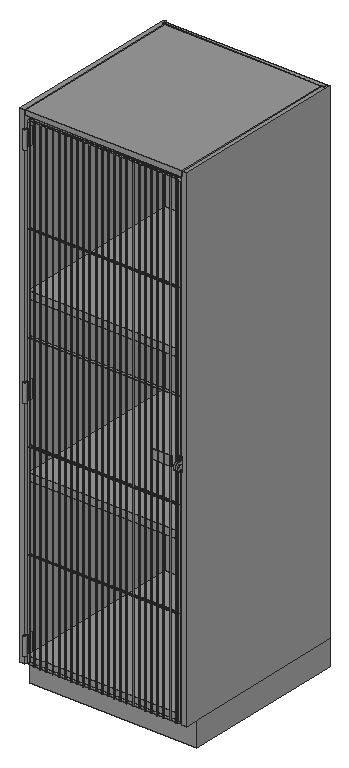
Revit family "TMI_M3024-Music_Wire Grille Doors1", category Casework, Revit 2016
Family settings
  OmniClass Number = 23.40.35.14.11
  OmniClass Title = Modular Casework
  Work Plane-Based = No
  Always vertical = Yes
  Cut with Voids When Loaded = No
  Shared = No
  Room Calculation Point = No
Parameters (values of type "27" x 84-1/2" x 29"")
  URL = "www.tmisystems.com"
  Toe Kick Height = 4"
  Toe Kick Depth = 2"
  Shelf Thickness = 1 1/8"
  Model = "M3024/M5024"
  Manufacturer = "TMI Systems Corporation"
  Interior Finish = none
  Individual Wire Grille Doors [instance] = not(Full Height Wire Grille Door)  # no
  Full Height Wire Grille Door [instance] = yes
  Filler Width (Hinge) [instance] = 3"
  Filler (Pull Side) [instance] = no
  Filler (Hinge Side) [instance] = no
  Filler Width (Pull) [instance] = 3"
  Description = "French Horn, Alto Horn, Snare Drum"
  Depth = 29"
  Height = 84 1/2"
  Width = 27"
  Casework Thickness = 3/4"
  Casework Back Thickness = 1/2"
  Cabinet Finish = Plastic Laminate
  Assembly Code = ""
Types (2): name | Description | Depth
  27" x 84-1/2" x 29" | "French Horn, Alto Horn, Snare Drum" | 29"
  27" x 84-1/2" x 39" | "Baritone, Euphonium, Mellophone" | 39"
Reference planes (in)
  plane 1 "Back": y = 15
  plane 2: z = 0
  plane 3 "Center (Left/Right)": x = 0.7377
  plane 4 "Left": x = -12.7623
  plane 5 "Right": x = 14.2377
  plane 6 "Front": y = -14
  plane 7 "Top": z = 84.5
  plane 8: y = 14.375
  plane 9: x = -12.0123
  plane 10: x = 13.4877
  plane 11: z = 83.75
  plane 12: y = 14.875
  plane 13: y = -12
  plane 14: z = 4
  plane 15: z = 5.125
  plane 16: y = -13.61906
  plane 17: y = -11.25
  plane 18: y = -13.25
  plane 19: z = 58.04167
  plane 20: y = -13.49461
  plane 21: z = 42.25
  plane 22: z = 83.25
  plane 23: x = 13.8627
  plane 24: x = -12.3873
  plane 25: z = 31.58333
  plane 26: y = -13.60344
Forms (in)
  Extrusion 1, solid, material "Plastic Laminate" <- "Cabinet Finish"
    sketch origin (0, 0.21844, 0) x (1, 0, 0) y (0, 1, 0)
      loop
        line (-12.7623, 14.78156) -> (-12.7623, -14.21844) -> (-12.0123, -14.21844) -> (-12.0123, 14.15656) -> (-12.38677, 14.15656) -> (-12.38677, 14.78156) -> (-12.7623, 14.78156)
      loop
        line (13.86077, 14.78156) -> (13.86077, 14.15656) -> (13.4877, 14.15656) -> (13.4877, -14.21844) -> (14.2377, -14.21844) -> (14.2377, 14.78156) -> (13.86077, 14.78156)
    from 4 to 84.5
  Extrusion 2, solid, material "Plastic Laminate" <- "Cabinet Finish"
    sketch origin (0.84915, 11.94613, -1.44731) x (1, 0, 0) y (0, 0, 1)
      loop
        line (-12.86145, 6.57231) -> (-12.86145, 5.44731) -> (12.63855, 5.44731) -> (12.63855, 6.57231) -> (-12.86145, 6.57231)
    from -2.42887 to 25.54956
  Extrusion 3, solid, material "Plastic Laminate" <- "Cabinet Finish"
    sketch origin (0, 0, 0) x (1, 0, 0) y (0, 1, 0)
      loop
        line (-12.38677, 14.875) -> (-12.38677, 14.375) -> (13.86077, 14.375) -> (13.86077, 14.875) -> (-12.38677, 14.875)
    from 84.5 to 4
  Extrusion 4, solid, material "Plastic Laminate" <- "Cabinet Finish", visible <- "Filler (Pull Side)"
    sketch origin (0, -14, 0) x (1, 0, 0) y (0, 0, 1)
      loop
        line (14.2377, 84.5) -> (14.2377, 4) -> (17.2377, 4) -> (17.2377, 84.5) -> (14.2377, 84.5)
    from -0.75 to 0
  Extrusion 5, solid, material "Plastic Laminate" <- "Cabinet Finish", visible <- "Filler (Hinge Side)"
    sketch origin (0, -14, 0) x (1, 0, 0) y (0, 0, 1)
      loop
        line (-15.7623, 84.5) -> (-15.7623, 4) -> (-12.7623, 4) -> (-12.7623, 84.5) -> (-15.7623, 84.5)
    from -0.75 to 0
  Extrusion 6, solid, material "Wood"
    sketch origin (0, 0, 0) x (1, 0, 0) y (0, 0, 1)
      loop
        line (14.2377, 4) -> (-12.7623, 4) -> (-12.7623, 0) -> (14.2377, 0) -> (14.2377, 4)
    from -15 to 12
  Extrusion 7, solid, material "Wood", visible <- "Filler (Pull Side)"
    sketch origin (0, 0, 0) x (1, 0, 0) y (0, 0, 1)
      loop
        line (17.2377, 4) -> (14.2377, 4) -> (14.2377, 0) -> (17.2377, 0) -> (17.2377, 4)
    from 11.25 to 12
  Extrusion 8, solid, material "Wood", visible <- "Filler (Hinge Side)"
    sketch origin (0, 0, 0) x (1, 0, 0) y (0, 0, 1)
      loop
        line (-12.7623, 4) -> (-15.7623, 4) -> (-15.7623, 0) -> (-12.7623, 0) -> (-12.7623, 4)
    from 11.25 to 12
  Extrusion 9, solid, material "Plastic Laminate" <- "Cabinet Finish"
    sketch origin (0, -14, 0) x (1, 0, 0) y (0, 0, 1)
      loop
        line (-12.0123, 58.04167) -> (-12.0123, 56.91667) -> (13.4877, 56.91667) -> (13.4877, 58.04167) -> (-12.0123, 58.04167)
      loop
        line (-12.0123, 30.45833) -> (13.4877, 30.45833) -> (13.4877, 31.58333) -> (-12.0123, 31.58333) -> (-12.0123, 30.45833)
    from -28.375 to -0.50539
  Extrusion 10, solid, material "Plastic Laminate" <- "Cabinet Finish"
    sketch origin (0, 15, 0) x (1, 0, 0) y (0, 0, 1)
      loop
        line (-12.0123, 84.5) -> (-12.0123, 83.75) -> (13.4877, 83.75) -> (13.4877, 84.5) -> (-12.0123, 84.5)
    from 0.625 to 29
Lines and regions (in)
  Masking region 1
    outline origin (44.5, 0, 0) x (1, 0, 0) y (0, 1, 0)
      loop
        line (-57.2623, 15) -> (-57.2623, -14) -> (-30.2623, -14) -> (-30.2623, 15) -> (-57.2623, 15)
  Masking region 2, visible <- "Filler (Hinge Side)"
    outline origin (0, 0, 0) x (1, 0, 0) y (0, 1, 0)
      loop
        line (-15.7623, -13.25) -> (-15.7623, -14) -> (-12.7623, -14) -> (-12.7623, -13.25) -> (-15.7623, -13.25)
  Masking region 3, visible <- "Filler (Pull Side)"
    outline origin (0, 0, 0) x (1, 0, 0) y (0, 1, 0)
      loop
        line (14.2377, -13.25) -> (14.2377, -14) -> (17.2377, -14) -> (17.2377, -13.25) -> (14.2377, -13.25)
  symbolic lines, style "CaseworkHiddenLines"
    curve 1: line (-0.1998, -14, 0) -> (-0.3248, -14, 0)
    curve 2: line (1.9252, -14, 0) -> (2.0502, -14, 0)
Dimensions and locks (in)
  "Width": plane 4 "Left" to plane 5 "Right"
  equal spacing: plane 4 "Left", plane 3 "Center (Left/Right)", plane 5 "Right"
  "Casework Thickness": plane 4 "Left" to plane 9
  "Casework Thickness": plane 10 to plane 5 "Right"
  "Casework Thickness": plane 7 "Top" to plane 11
  "Filler Width (Pull)": plane 5 "Right" to Extrusion 4
  "Filler Width (Hinge)": Extrusion 5 to plane 4 "Left"
  "Depth": plane 6 "Front" to plane 1 "Back"
  locked: plane 12 to plane 1 "Back" at 0.125
  "Toe Kick Depth": plane 13 to plane 6 "Front"
  "Toe Kick Height": plane 14 to level
  "Height": plane 7 "Top" to level
  locked: plane 6 "Front" to plane 16 at 0.38094
  locked: plane 6 "Front" to plane 18 at 0.75
  locked: plane 17 to plane 13 at 0.75
  plane 16 to plane 20 = 0.12445"
  equal spacing: plane 7 "Top", plane 21, plane 2
  locked: plane 11 to plane 22 at 0.5
  "Shelf Thickness": plane 15 to plane 14
  equal spacing: plane 7 "Top", plane 19, plane 25, plane 15
  equal spacing: plane 4 "Left", plane 24, plane 9
  equal spacing: plane 10, plane 23, plane 5 "Right"
  "Casework Back Thickness": plane 12 to plane 8
  equal spacing: plane 24, plane 3 "Center (Left/Right)", plane 23
  "Shelf Thickness": plane 19 to Extrusion 9
  "Shelf Thickness": plane 25 to Extrusion 9
  locked: plane 16 to plane 26 at 0.01562
  aligned and locked: plane 2 to level
  aligned and locked: Extrusion 1 sketch curve to plane 4 "Left"
  aligned and locked: Extrusion 1 sketch curve to plane 9
  aligned and locked: Extrusion 1 sketch curve to plane 10
  aligned and locked: Extrusion 1 sketch curve to plane 5 "Right"
  aligned and locked: Extrusion 1 to plane 1 "Back"  (x2)
  aligned and locked: plane 8 to Extrusion 3 sketch curve
  aligned and locked: Extrusion 1 to plane 7 "Top"
  aligned and locked: plane 7 "Top" to Extrusion 4 sketch curve
  aligned and locked: Extrusion 4 sketch curve to plane 5 "Right"
  aligned and locked: plane 7 "Top" to Extrusion 5 sketch curve
  aligned and locked: Extrusion 7 to Extrusion 6
  aligned and locked: Extrusion 8 to Extrusion 6
  aligned and locked: plane 14 to Extrusion 8
  aligned and locked: plane 14 to Extrusion 6
  aligned and locked: plane 14 to Extrusion 7
  aligned and locked: Extrusion 4 to plane 14
  aligned and locked: Extrusion 5 to plane 14
  aligned and locked: Extrusion 1 to plane 14
  aligned and locked: Extrusion 2 to plane 14
  aligned and locked: plane 15 to Extrusion 2
  aligned and locked: Extrusion 6 to Extrusion 1
  aligned and locked: plane 1 "Back" to Masking region 1 sketch curve
  aligned and locked: Extrusion 8 to plane 13
  aligned and locked: plane 9 to Extrusion 9 sketch curve
  aligned and locked: Extrusion 9 sketch curve to plane 10  (x2)
  aligned and locked: plane 8 to Extrusion 9
  aligned and locked: plane 4 "Left" to Masking region 2 sketch curve
  aligned and locked: Masking region 3 sketch curve to plane 5 "Right"
  aligned and locked: plane 6 "Front" to Extrusion 1  (x2)
  aligned and locked: plane 6 "Front" to Extrusion 4
  aligned and locked: plane 6 "Front" to Extrusion 5
  aligned and locked: plane 17 to Extrusion 7
  aligned and locked: Extrusion 4 to plane 18
  aligned and locked: Extrusion 5 to plane 18
  aligned and locked: plane 17 to Extrusion 8
  aligned and locked: Extrusion 8 to Extrusion 5
  aligned and locked: Masking region 2 to Extrusion 5
  aligned and locked: Masking region 2 to plane 18
  aligned and locked: Extrusion 4 to Extrusion 7
  aligned and locked: Masking region 3 to Extrusion 4
  aligned and locked: Masking region 3 to plane 18
  aligned and locked: Extrusion 9 to plane 19
  aligned and locked: Extrusion 2 to plane 9
  aligned and locked: Extrusion 9 to plane 20
  aligned and locked: Extrusion 2 to plane 10
  aligned and locked: Extrusion 10 sketch curve to plane 11
  aligned and locked: plane 9 to Extrusion 10 sketch curve
  aligned and locked: Extrusion 10 sketch curve to plane 10
  aligned and locked: plane 6 "Front" to Extrusion 10
  aligned and locked: plane 9 to Extrusion 1
  aligned and locked: plane 6 "Front" to Masking region 1
  aligned and locked: Extrusion 10 to plane 7 "Top"
  aligned and locked: plane 8 to Extrusion 10
  aligned and locked: Extrusion 3 to Extrusion 1  (x2)
  aligned and locked: plane 8 to Extrusion 2
  aligned and locked: Extrusion 3 to plane 14
  aligned and locked: Extrusion 3 to plane 7 "Top"
  aligned and locked: Extrusion 9 sketch curve to plane 9
  aligned and locked: plane 25 to Extrusion 9 sketch curve
  aligned and locked: nested 1 to plane 14
  aligned and locked: plane 9 to nested 1
  aligned and locked: nested 1 to plane 6 "Front"
  aligned and locked: nested 2 to plane 14
  aligned and locked: Extrusion 9 to nested 3
  aligned and locked: nested 2 to plane 6 "Front"
  aligned and locked: nested 4 to plane 6 "Front"
  aligned and locked: nested 3 to plane 6 "Front"
  aligned and locked: plane 22 to nested 4
  aligned and locked: plane 9 to nested 4
  aligned and locked: plane 9 to nested 2
  aligned and locked: plane 26 to Extrusion 2
Automatic sketch dimensions
  curve 1 to level = 0"
  curve 2 to level = 0"
  curve 1 to curve 1 = 1/8"
  curve 2 to curve 2 = 1/8"
  plane 1 "Back" to Extrusion 1 sketch curve = 0"  (x2)
  Extrusion 1 sketch curve to plane 8 = 0"  (x2)
  plane 6 "Front" to Extrusion 1 sketch curve = 0"  (x2)
  Extrusion 1 sketch curve to plane 24 = 0.00052"
  plane 23 to Extrusion 1 sketch curve = 0.00194"
  Extrusion 2 sketch curve to plane 9 = 0"
  plane 10 to Extrusion 2 sketch curve = 0"
  Extrusion 2 sketch curve to plane 14 = 0"
  Extrusion 2 sketch curve to plane 15 = 0"
  Extrusion 3 sketch curve to plane 12 = 0"
  Extrusion 3 sketch curve to plane 24 = 0.00052"
  plane 23 to Extrusion 3 sketch curve = 0.00194"
  Extrusion 4 sketch curve to plane 14 = 0"
  Extrusion 4 sketch curve to plane 5 "Right" = 3"
  Extrusion 5 sketch curve to plane 14 = 0"
  plane 4 "Left" to Extrusion 5 sketch curve = 0"
  Extrusion 5 sketch curve to Extrusion 5 sketch curve = 3"
  plane 4 "Left" to Extrusion 6 sketch curve = 0"
  Extrusion 6 sketch curve to level = 0"
  plane 5 "Right" to Extrusion 6 sketch curve = 0"
  Extrusion 6 sketch curve to plane 14 = 0"
  plane 5 "Right" to Extrusion 7 sketch curve = 0"
  Extrusion 7 sketch curve to level = 0"
  Extrusion 7 sketch curve to plane 14 = 0"
  Extrusion 7 sketch curve to plane 5 "Right" = 3"
  Extrusion 8 sketch curve to plane 14 = 0"
  Extrusion 8 sketch curve to level = 0"
  plane 4 "Left" to Extrusion 8 sketch curve = 0"
  Extrusion 8 sketch curve to Extrusion 8 sketch curve = 3"
  Masking region 1 sketch curve to plane 4 "Left" = 0"
  Masking region 1 sketch curve to plane 5 "Right" = 0"
  plane 6 "Front" to Masking region 1 sketch curve = 0"
  Extrusion 9 sketch curve to plane 19 = 0"
  plane 6 "Front" to Masking region 2 sketch curve = 0"
  plane 18 to Masking region 2 sketch curve = 0"
  plane 4 "Left" to Masking region 2 sketch curve = 3"
  plane 6 "Front" to Masking region 3 sketch curve = 0"
  plane 18 to Masking region 3 sketch curve = 0"
  Masking region 3 sketch curve to Masking region 3 sketch curve = 3"
  Extrusion 10 sketch curve to plane 7 "Top" = 0"
  Extrusion 9 sketch curve to plane 25 = 1 1/8"
  Extrusion 9 sketch curve to Extrusion 9 sketch curve = 1 1/8"
  plane 3 "Center (Left/Right)" to curve 2 = 1 3/16"
  curve 1 to plane 3 "Center (Left/Right)" = 15/16"
Nested families (in)
  nested 1: "Full Height Wire Grille Door 27in Wide" at (0.73685, -13.76369, 4), visible <- "Full Height Wire Grille Door", type "Full Height Wire Grille Door 27in Wide"
    with Number of Verticle Bars 24, Bar Spacing 1"
  nested 2: "Individual Wire Grille Door 27in Wide (3 Doors)" at (0.73685, -13.76369, 4), visible <- "Individual Wire Grille Doors", type "Individual Wire Grille Door 27in Wide (3 Doors)"
    with Number of Verticle Bars 24, Bar Spacing 1"
  nested 3: "Individual Wire Grille Door 27in Wide (3 Doors)" at (0.73685, -13.76369, 30.45833), visible <- "Individual Wire Grille Doors", type "Individual Wire Grille Door 27in Wide (3 Doors)"
    with Number of Verticle Bars 24, Bar Spacing 1"
  nested 4: "Individual Wire Grille Door 27in Wide (3 Doors)" at (0.73685, -13.76369, 57), visible <- "Individual Wire Grille Doors", type "Individual Wire Grille Door 27in Wide (3 Doors)"
    with Number of Verticle Bars 24, Bar Spacing 1"
Definition of nested family "Full Height Wire Grille Door 27in Wide"
  Parameters (values of type "Full Height Wire Grille Door 27in Wide")
    Width = 24 1/2"
    Pull height from Bottom of Casework = 37 13/16"
    Number of Verticle Bars [instance] = (Width / Bar Spacing) - 1  # 24
    Height = 79 1/4"
    Distance of Hinge from Edge of Casework = 2 13/16"
    Bar Spacing [instance] = 1"
  Reference planes (in)
    plane 1 "Center (Front/Back)": y = 0
    plane 2: z = 0
    plane 3 "Center (Left/Right)": x = 0
    plane 4: x = -12.37415
    plane 5: x = -12.12585
    plane 6: z = 79.25
    plane 7: z = 79
    plane 8: z = 79.125
    plane 9: x = -12.25
    plane 10: x = 12.38138
    plane 11: x = 12.11862
    plane 12: x = 12.25
    plane 13: z = 0.25
    plane 14: z = 0.125
    plane 15: y = -0.125
    plane 16: z = 39.625
    plane 17: z = 47.525
    plane 18: z = 63.325
    plane 19: z = 31.725
    plane 20: z = 15.925
    plane 21: y = -0.17188
    plane 22: x = -11.25
    plane 23: y = 0.28516
    plane 24: x = 12.75638
    plane 25: y = -0.23631
    plane 26: z = 37.8125
    plane 27: z = 2.8125
    plane 28: z = 76.4375
    plane 29: z = 38.9375
    plane 30: z = 37.8125
  Forms (in)
    Sweep 1, solid
      path origin (0, 0, 0) x (1, 0, 0) y (0, 0, 1)
        loop
          arc (-12, 79.125) -> (-12.17678, 79.05178) -> (-12.25, 78.875) r 0.25
          line (-12.25, 78.875) -> (-12.25, 0.375)
          arc (-12.25, 0.375) -> (-12.17678, 0.19822) -> (-12, 0.125) r 0.25
          line (-12, 0.125) -> (12, 0.125)
          arc (12, 0.125) -> (12.17678, 0.19822) -> (12.25, 0.375) r 0.25
          line (12.25, 0.375) -> (12.25, 78.875)
          arc (12.25, 78.875) -> (12.17678, 79.05178) -> (12, 79.125) r 0.25
          line (12, 79.125) -> (-12, 79.125)
      profile "4 Circle : 4 Circle" origin (0, 0, 79.125) x (0, 0, 1) y (0, -1, 0)
        loop
          circle (0, 0) r 0.125
    Extrusion 2, solid
      sketch origin (0, 0, 0) x (0, 1, 0) y (0, 0, 1)
        loop
          circle (0, 63.325) r 0.125
        loop
          circle (0, 47.525) r 0.125
        loop
          circle (0, 15.925) r 0.125
        loop
          circle (0, 31.725) r 0.125
      from -12.25 to 12.25
    Extrusion 3, solid
      sketch origin (-0.62456, 0, 0) x (1, 0, 0) y (0, 1, 0)
        loop
          circle (-10.62544, -0.17188) r 0.0625
      from 0 to 79.25
    Extrusion 4, solid
      sketch origin (0.37544, 0, 0) x (1, 0, 0) y (0, 1, 0)
        loop
          circle (-10.62544, -0.17188) r 0.0625
      from 0 to 79.25
    Extrusion 5, solid
      sketch origin (1.37544, 0, 0) x (1, 0, 0) y (0, 1, 0)
        loop
          circle (-10.62544, -0.17188) r 0.0625
      from 0 to 79.25
    Extrusion 6, solid
      sketch origin (2.37544, 0, 0) x (1, 0, 0) y (0, 1, 0)
        loop
          circle (-10.62544, -0.17188) r 0.0625
      from 0 to 79.25
    Extrusion 7, solid
      sketch origin (3.37544, 0, 0) x (1, 0, 0) y (0, 1, 0)
        loop
          circle (-10.62544, -0.17188) r 0.0625
      from 0 to 79.25
    Extrusion 8, solid
      sketch origin (4.37544, 0, 0) x (1, 0, 0) y (0, 1, 0)
        loop
          circle (-10.62544, -0.17188) r 0.0625
      from 0 to 79.25
    Extrusion 9, solid
      sketch origin (5.37544, 0, 0) x (1, 0, 0) y (0, 1, 0)
        loop
          circle (-10.62544, -0.17188) r 0.0625
      from 0 to 79.25
    Extrusion 10, solid
      sketch origin (6.37544, 0, 0) x (1, 0, 0) y (0, 1, 0)
        loop
          circle (-10.62544, -0.17188) r 0.0625
      from 0 to 79.25
    Extrusion 11, solid
      sketch origin (7.37544, 0, 0) x (1, 0, 0) y (0, 1, 0)
        loop
          circle (-10.62544, -0.17188) r 0.0625
      from 0 to 79.25
    Extrusion 12, solid
      sketch origin (8.37544, 0, 0) x (1, 0, 0) y (0, 1, 0)
        loop
          circle (-10.62544, -0.17188) r 0.0625
      from 0 to 79.25
    Extrusion 13, solid
      sketch origin (9.37544, 0, 0) x (1, 0, 0) y (0, 1, 0)
        loop
          circle (-10.62544, -0.17188) r 0.0625
      from 0 to 79.25
    Extrusion 14, solid
      sketch origin (10.37544, 0, 0) x (1, 0, 0) y (0, 1, 0)
        loop
          circle (-10.62544, -0.17188) r 0.0625
      from 0 to 79.25
    Extrusion 15, solid
      sketch origin (11.37544, 0, 0) x (1, 0, 0) y (0, 1, 0)
        loop
          circle (-10.62544, -0.17188) r 0.0625
      from 0 to 79.25
    Extrusion 16, solid
      sketch origin (12.37544, 0, 0) x (1, 0, 0) y (0, 1, 0)
        loop
          circle (-10.62544, -0.17188) r 0.0625
      from 0 to 79.25
    Extrusion 17, solid
      sketch origin (13.37544, 0, 0) x (1, 0, 0) y (0, 1, 0)
        loop
          circle (-10.62544, -0.17188) r 0.0625
      from 0 to 79.25
    Extrusion 18, solid
      sketch origin (14.37544, 0, 0) x (1, 0, 0) y (0, 1, 0)
        loop
          circle (-10.62544, -0.17188) r 0.0625
      from 0 to 79.25
    Extrusion 19, solid
      sketch origin (15.37544, 0, 0) x (1, 0, 0) y (0, 1, 0)
        loop
          circle (-10.62544, -0.17188) r 0.0625
      from 0 to 79.25
    Extrusion 20, solid
      sketch origin (16.37544, 0, 0) x (1, 0, 0) y (0, 1, 0)
        loop
          circle (-10.62544, -0.17188) r 0.0625
      from 0 to 79.25
    Extrusion 21, solid
      sketch origin (17.37544, 0, 0) x (1, 0, 0) y (0, 1, 0)
        loop
          circle (-10.62544, -0.17188) r 0.0625
      from 0 to 79.25
    Extrusion 22, solid
      sketch origin (18.37544, 0, 0) x (1, 0, 0) y (0, 1, 0)
        loop
          circle (-10.62544, -0.17188) r 0.0625
      from 0 to 79.25
    Extrusion 23, solid
      sketch origin (19.37544, 0, 0) x (1, 0, 0) y (0, 1, 0)
        loop
          circle (-10.62544, -0.17188) r 0.0625
      from 0 to 79.25
    Extrusion 24, solid
      sketch origin (20.37544, 0, 0) x (1, 0, 0) y (0, 1, 0)
        loop
          circle (-10.62544, -0.17188) r 0.0625
      from 0 to 79.25
    Extrusion 25, solid
      sketch origin (21.37544, 0, 0) x (1, 0, 0) y (0, 1, 0)
        loop
          circle (-10.62544, -0.17188) r 0.0625
      from 0 to 79.25
    Extrusion 26, solid
      sketch origin (22.37544, 0, 0) x (1, 0, 0) y (0, 1, 0)
        loop
          circle (-10.62544, -0.17188) r 0.0625
      from 0 to 79.25
    Extrusion 27, solid
      sketch origin (0, 0, 0) x (1, 0, 0) y (0, 0, 1)
        loop
          line (7.94388, 38.5625) -> (7.94388, 37.0625) -> (11.13138, 37.0625) -> (11.13138, 38.5625) -> (7.94388, 38.5625)
      from 0.23631 to 0.33984
  Lines and regions (in)
    model lines
      curve 1: line (12.27951, 0, 79.125) -> (-12.25002, 0, 39.625)
      curve 2: line (-12.25002, 0, 39.625) -> (12.25, 0, 0.125)
  Dimensions and locks (in)
    locked: plane 6 to plane 7 at 0.25
    equal spacing: plane 6, plane 8, plane 7
    equal spacing: plane 4, plane 9, plane 5
    locked: plane 4 to plane 5 at 0.24829
    equal spacing: plane 10, plane 12, plane 11
    plane 10 to plane 11 = 0.26276"
    equal spacing: plane 13, plane 14, plane 2
    locked: plane 13 to plane 2 at 0.25
    equal spacing: plane 12, plane 3 "Center (Left/Right)", plane 9
    locked: plane 15 to plane 1 "Center (Front/Back)" at 0.125
    "Width": plane 12 to plane 9
    "Height": plane 6 to plane 2
    plane 8 to plane 14 = 79"
    equal spacing: plane 8, plane 18, plane 17, plane 19, plane 20, plane 14
    "Bar Spacing": plane 9 to plane 22
    locked: plane 15 to plane 21 at 0.04688
    plane 1 "Center (Front/Back)" to plane 23 = 73/256"
    locked: plane 10 to plane 24 at 0.375
    locked: plane 21 to plane 25 at 0.06444
    "Pull height from Bottom of Casework": plane 26 to plane 2
    "Distance of Hinge from Edge of Casework": plane 6 to plane 28
    "Distance of Hinge from Edge of Casework": plane 27 to plane 2
    equal spacing: plane 6, plane 16, level
    locked: plane 29 to plane 26 at 1.125
    equal spacing: group 1, group 2, group 3, group 4, group 5, group 6, group 7, group 8, group 9, group 10, group 11, group 12, group 13, group 14, group 15, group 16, group 17, group 18, group 19, group 20, group 21, group 22, group 23, group 24  (x3)
    locked: Extrusion 27 sketch curve to Extrusion 27 sketch curve at 1.5
    locked: Extrusion 27 sketch curve to Extrusion 27 sketch curve at 3.1875
    equal spacing: Extrusion 27 sketch curve, plane 30, Extrusion 27 sketch curve
    locked: nested 1 to Extrusion 27 sketch curve at 1.25
    aligned and locked: plane 2 to level
    aligned and locked: Sweep 1 sketch curve to plane 12
    aligned and locked: Sweep 1 sketch curve to plane 8
    aligned and locked: plane 9 to Sweep 1 sketch curve
    aligned and locked: plane 14 to Sweep 1 sketch curve
    aligned and locked: Extrusion 2 to plane 12
    aligned and locked: Extrusion 2 to plane 9
    aligned and locked: Extrusion 3 to plane 2
    aligned and locked: nested 1 to plane 10
    aligned and locked: nested 1 to plane 23
    aligned and locked: plane 24 to nested 2
    aligned and locked: nested 2 to plane 23
    aligned and locked: plane 10 to nested 1
    aligned and locked: nested 3 to plane 4
    aligned and locked: plane 25 to nested 3
    aligned and locked: nested 3 to plane 28
    aligned and locked: nested 4 to plane 4
    aligned and locked: plane 25 to nested 4
    aligned and locked: nested 4 to plane 27
    aligned and locked: nested 5 to plane 4
    aligned and locked: nested 5 to plane 16
    aligned and locked: plane 25 to nested 5
    aligned and locked: plane 6 to Extrusion 3
    aligned and locked: nested 2 to plane 29
    aligned and locked: nested 1 to plane 29
    aligned and locked: plane 30 to plane 26
    aligned and locked: plane 25 to Extrusion 27
    aligned and locked: nested 1 to Extrusion 27
  Automatic sketch dimensions
    plane 5 to Sweep 1 sketch curve = 0.12585"
    Sweep 1 sketch curve to Sweep 1 sketch curve = 1/4"  (x2)
    plane 11 to Sweep 1 sketch curve = 0.11862"
    Extrusion 2 sketch curve to plane 1 "Center (Front/Back)" = 0"  (x4)
    Extrusion 2 sketch curve to plane 20 = 0"
    Extrusion 2 sketch curve to plane 19 = 0"
    Extrusion 2 sketch curve to plane 17 = 0"
    Extrusion 2 sketch curve to plane 18 = 0"
    curve 2 to plane 16 = 0"
    plane 12 to curve 2 = 0"
    curve 1 to plane 8 = 0"
    curve 2 to plane 14 = 0"
    curve 2 to plane 9 = 0"
    curve 1 to plane 12 = 0.02951"
    radius of Extrusion 3 sketch curve = 1/16"
    radius of Extrusion 2 sketch curve = 1/8"  (x4)
    radius of Extrusion 4 sketch curve = 1/16"
    radius of Extrusion 5 sketch curve = 1/16"
    radius of Extrusion 6 sketch curve = 1/16"
    radius of Extrusion 7 sketch curve = 1/16"
    radius of Extrusion 8 sketch curve = 1/16"
    radius of Extrusion 9 sketch curve = 1/16"
    radius of Extrusion 10 sketch curve = 1/16"
    radius of Extrusion 11 sketch curve = 1/16"
    radius of Extrusion 12 sketch curve = 1/16"
    radius of Extrusion 13 sketch curve = 1/16"
    radius of Extrusion 14 sketch curve = 1/16"
    radius of Extrusion 15 sketch curve = 1/16"
    radius of Extrusion 16 sketch curve = 1/16"
    radius of Extrusion 17 sketch curve = 1/16"
    radius of Extrusion 18 sketch curve = 1/16"
    radius of Extrusion 19 sketch curve = 1/16"
    radius of Extrusion 20 sketch curve = 1/16"
    radius of Extrusion 21 sketch curve = 1/16"
    radius of Extrusion 22 sketch curve = 1/16"
    radius of Extrusion 23 sketch curve = 1/16"
    radius of Extrusion 24 sketch curve = 1/16"
    radius of Extrusion 25 sketch curve = 1/16"
    radius of Extrusion 26 sketch curve = 1/16"
  Nested families (in)
    nested 1: "Pad Lock" at (12.38138, -0.33984, 37.8125), type "Pad Lock"
    nested 2: "Pad Lock" at (12.69388, -0.33984, 37.8125), type "Pad Lock"
    nested 3: "5k hinge (music)" at (-12.5929, 0.76369, 75.03125) x (-1, 0, 0) z (0, 0, 1), type "5k hinge (music)"
      with Width 16"
    nested 4: "5k hinge (music)" at (-12.5929, 0.76369, 1.40625) x (-1, 0, 0) z (0, 0, 1), type "5k hinge (music)"
      with Width 16"
    nested 5: "5k hinge (music)" at (-12.5929, 0.76369, 38.21875) x (-1, 0, 0) z (0, 0, 1), type "5k hinge (music)"
      with Width 16"
  Definition of nested family "Pad Lock"
    Reference planes (in)
      plane 1 "Center (Front/Back)": y = 0
      plane 2: z = 0
      plane 3 "Center (Left/Right)": x = 0
      plane 4: z = 1.125
      plane 5: z = -1.125
      plane 6: y = -1.125
      plane 7: y = 0.625
      plane 8: y = -0.5625
      plane 9: x = 0.0625
    Forms (in)
      Extrusion 1, solid
        sketch origin (0, 0.00036, 0.01611) x (0, 0, 1) y (0, -1, 0)
          loop
            line (0.98389, 0) -> (0.56967, 0) -> (0.56967, 0.56286)
            arc (0.56967, 0.56286) -> (0, 1.13253) -> (-0.56967, 0.56286) r 0.56967
            line (-0.56967, 0.56286) -> (-0.56967, 0) -> (-1.01611, 0)
            arc (-1.01611, 0) -> (-1.1045, -0.03661) -> (-1.14111, -0.125) r 0.125
            line (-1.14111, -0.125) -> (-1.14111, -0.62464) -> (1.10889, -0.62464) -> (1.10889, -0.125)
            arc (1.10889, -0.125) -> (1.07227, -0.03661) -> (0.98389, 0) r 0.125
          loop
            circle (0, 0.56286) r 0.375
        from 0 to 0.0625
    Dimensions and locks (in)
      locked: plane 4 to plane 5 at 2.25
      locked: plane 6 to plane 7 at 1.75
      locked: plane 9 to plane 3 "Center (Left/Right)" at 0.0625
      equal spacing: plane 1 "Center (Front/Back)", plane 8, plane 6
      locked: plane 7 to plane 1 "Center (Front/Back)" at 0.625
      equal spacing: plane 5, plane 2, plane 4
      aligned and locked: plane 2 to level
      aligned and locked: plane 9 to Extrusion 1
    Automatic sketch dimensions
      Extrusion 1 sketch curve to Extrusion 1 sketch curve = 0"  (x2)
      Extrusion 1 sketch curve to plane 5 = 0"
      Extrusion 1 sketch curve to plane 8 = 0"
      plane 4 to Extrusion 1 sketch curve = 0"
      Extrusion 1 sketch curve to plane 7 = 0"
      Extrusion 1 sketch curve to plane 1 "Center (Front/Back)" = 0.00036"
      plane 5 to Extrusion 1 sketch curve = 1/8"
      Extrusion 1 sketch curve to level = 0.55355"
      level to Extrusion 1 sketch curve = 0.01611"
      Extrusion 1 sketch curve to Extrusion 1 sketch curve = 1/8"
      Extrusion 1 sketch curve to plane 1 "Center (Front/Back)" = 0.12536"
      radius of Extrusion 1 sketch curve = 3/8"
  Definition of nested family "5k hinge (music)"
    Parameters (values of type "5k hinge (music)")
      door thickness = 1"
      Width [instance] = 16"
      Hinge Distance from Door = 9/16"
      5K hinge size = 2 13/16"
    Reference planes (in)
      plane 1 "Center (Front/Back)": y = 0
      plane 2: z = 0
      plane 3 "Center (Left/Right)": x = 0
      plane 4: x = -0.15625
      plane 5: y = -1
      plane 6: y = -0.5
      plane 7: y = -1.5625
      plane 8: y = -1.28125
      plane 9: x = 0.15625
      plane 10: z = 2.8125
      plane 11: z = 1.40625
      plane 12: x = -0.21875
    Forms (in)
      Extrusion 1, solid
        sketch origin (-8.15625, 0, 0) x (1, 0, 0) y (0, 1, 0)
          loop
            line (8.15625, -1) -> (8.15625, -1.04949)
            arc (8.15625, -1.04949) -> (7.85521, -1.421) -> (8.3125, -1.28125) r 0.25
            line (8.3125, -1.28125) -> (8.3125, 0) -> (8.15625, 0) -> (7.9375, 0) -> (7.9375, -1) -> (8.15625, -1)
        from 0 to 2.8125
    Dimensions and locks (in)
      equal spacing: plane 1 "Center (Front/Back)", plane 6, plane 5
      "Hinge Distance from Door": plane 5 to plane 7
      equal spacing: plane 5, plane 8, plane 7
      "5K hinge size": plane 10 to plane 2
      "door thickness": plane 1 "Center (Front/Back)" to plane 5
      equal spacing: plane 10, plane 11, plane 2
      equal spacing: plane 4, plane 3 "Center (Left/Right)", plane 9
      plane 4 to plane 9 = 5/16"
      plane 12 to plane 4 = 1/16"
      aligned and locked: plane 2 to level
      aligned and locked: plane 5 to Extrusion 1 sketch curve
      aligned and locked: Extrusion 1 to plane 10
      aligned and locked: plane 9 to Extrusion 1
      aligned and locked: Extrusion 1 to plane 2
      aligned and locked: plane 12 to Extrusion 1 sketch curve
    Automatic sketch dimensions
      Extrusion 1 sketch curve to plane 8 = 0"
      plane 1 "Center (Front/Back)" to Extrusion 1 sketch curve = 0"
      Extrusion 1 sketch curve to plane 9 = 0"
      plane 4 to Extrusion 1 sketch curve = 1/16"
      Extrusion 1 sketch curve to plane 3 "Center (Left/Right)" = 0"  (x2)
Definition of nested family "Individual Wire Grille Door 27in Wide (3 Doors)"
  Parameters (values of type "Individual Wire Grille Door 27in Wide (3 Doors)")
    Width = 24 1/2"
    Pull height from Bottom of Casework = 33 13/16"
    Number of Verticle Bars [instance] = (Width / Bar Spacing) - 1  # 24
    Height = 26 1/4"
    Distance of Hinge from Edge of Casework = 2 13/16"
    Bar Spacing [instance] = 1"
  Reference planes (in)
    plane 1 "Center (Front/Back)": y = 0
    plane 2: z = 0
    plane 3 "Center (Left/Right)": x = 0
    plane 4: x = -12.37415
    plane 5: x = -12.12585
    plane 6: z = 26.25
    plane 7: z = 26
    plane 8: z = 26.125
    plane 9: x = -12.25
    plane 10: x = 12.38138
    plane 11: x = 12.11862
    plane 12: x = 12.25
    plane 13: z = 0.25
    plane 14: z = 0.125
    plane 15: y = -0.125
    plane 16: z = 13.125
    plane 17: y = -0.17188
    plane 18: y = 0.28516
    plane 19: x = 12.75638
    plane 20: y = -0.23631
    plane 21: z = 2.8125
    plane 22: z = 23.4375
    plane 23: z = 14.25103
    plane 24: x = -11.25
    plane 25: z = 13.125
  Forms (in)
    Sweep 1, solid
      path origin (0, 0, 0) x (1, 0, 0) y (0, 0, 1)
        loop
          arc (-12, 26.125) -> (-12.17678, 26.05178) -> (-12.25, 25.875) r 0.25
          line (-12.25, 25.875) -> (-12.25, 0.375)
          arc (-12.25, 0.375) -> (-12.17678, 0.19822) -> (-12, 0.125) r 0.25
          line (-12, 0.125) -> (12, 0.125)
          arc (12, 0.125) -> (12.17678, 0.19822) -> (12.25, 0.375) r 0.25
          line (12.25, 0.375) -> (12.25, 25.875)
          arc (12.25, 25.875) -> (12.17678, 26.05178) -> (12, 26.125) r 0.25
          line (12, 26.125) -> (-12, 26.125)
      profile "4 Circle : 4 Circle" origin (0, 0, 26.125) x (0, 0, 1) y (0, -1, 0)
        loop
          circle (0, 0) r 0.125
    Extrusion 2, solid
      sketch origin (0, 0, 0) x (0, 1, 0) y (0, 0, 1)
        loop
          circle (0, 13.125) r 0.125
      from -12.25 to 12.25
    Extrusion 3, solid
      sketch origin (0, 0, 0) x (1, 0, 0) y (0, 1, 0)
        loop
          circle (-11.25, -0.17188) r 0.06444
      from 0 to 26.25
    Extrusion 4, solid
      sketch origin (1, 0, 0) x (1, 0, 0) y (0, 1, 0)
        loop
          circle (-11.25, -0.17188) r 0.06444
      from 0 to 26.25
    Extrusion 5, solid
      sketch origin (2, 0, 0) x (1, 0, 0) y (0, 1, 0)
        loop
          circle (-11.25, -0.17188) r 0.06444
      from 0 to 26.25
    Extrusion 6, solid
      sketch origin (3, 0, 0) x (1, 0, 0) y (0, 1, 0)
        loop
          circle (-11.25, -0.17188) r 0.06444
      from 0 to 26.25
    Extrusion 7, solid
      sketch origin (4, 0, 0) x (1, 0, 0) y (0, 1, 0)
        loop
          circle (-11.25, -0.17188) r 0.06444
      from 0 to 26.25
    Extrusion 8, solid
      sketch origin (5, 0, 0) x (1, 0, 0) y (0, 1, 0)
        loop
          circle (-11.25, -0.17188) r 0.06444
      from 0 to 26.25
    Extrusion 9, solid
      sketch origin (6, 0, 0) x (1, 0, 0) y (0, 1, 0)
        loop
          circle (-11.25, -0.17188) r 0.06444
      from 0 to 26.25
    Extrusion 10, solid
      sketch origin (7, 0, 0) x (1, 0, 0) y (0, 1, 0)
        loop
          circle (-11.25, -0.17188) r 0.06444
      from 0 to 26.25
    Extrusion 11, solid
      sketch origin (8, 0, 0) x (1, 0, 0) y (0, 1, 0)
        loop
          circle (-11.25, -0.17188) r 0.06444
      from 0 to 26.25
    Extrusion 12, solid
      sketch origin (9, 0, 0) x (1, 0, 0) y (0, 1, 0)
        loop
          circle (-11.25, -0.17188) r 0.06444
      from 0 to 26.25
    Extrusion 13, solid
      sketch origin (10, 0, 0) x (1, 0, 0) y (0, 1, 0)
        loop
          circle (-11.25, -0.17188) r 0.06444
      from 0 to 26.25
    Extrusion 14, solid
      sketch origin (11, 0, 0) x (1, 0, 0) y (0, 1, 0)
        loop
          circle (-11.25, -0.17188) r 0.06444
      from 0 to 26.25
    Extrusion 15, solid
      sketch origin (12, 0, 0) x (1, 0, 0) y (0, 1, 0)
        loop
          circle (-11.25, -0.17188) r 0.06444
      from 0 to 26.25
    Extrusion 16, solid
      sketch origin (13, 0, 0) x (1, 0, 0) y (0, 1, 0)
        loop
          circle (-11.25, -0.17188) r 0.06444
      from 0 to 26.25
    Extrusion 17, solid
      sketch origin (14, 0, 0) x (1, 0, 0) y (0, 1, 0)
        loop
          circle (-11.25, -0.17188) r 0.06444
      from 0 to 26.25
    Extrusion 18, solid
      sketch origin (15, 0, 0) x (1, 0, 0) y (0, 1, 0)
        loop
          circle (-11.25, -0.17188) r 0.06444
      from 0 to 26.25
    Extrusion 19, solid
      sketch origin (16, 0, 0) x (1, 0, 0) y (0, 1, 0)
        loop
          circle (-11.25, -0.17188) r 0.06444
      from 0 to 26.25
    Extrusion 20, solid
      sketch origin (17, 0, 0) x (1, 0, 0) y (0, 1, 0)
        loop
          circle (-11.25, -0.17188) r 0.06444
      from 0 to 26.25
    Extrusion 21, solid
      sketch origin (18, 0, 0) x (1, 0, 0) y (0, 1, 0)
        loop
          circle (-11.25, -0.17188) r 0.06444
      from 0 to 26.25
    Extrusion 22, solid
      sketch origin (19, 0, 0) x (1, 0, 0) y (0, 1, 0)
        loop
          circle (-11.25, -0.17188) r 0.06444
      from 0 to 26.25
    Extrusion 23, solid
      sketch origin (20, 0, 0) x (1, 0, 0) y (0, 1, 0)
        loop
          circle (-11.25, -0.17188) r 0.06444
      from 0 to 26.25
    Extrusion 24, solid
      sketch origin (21, 0, 0) x (1, 0, 0) y (0, 1, 0)
        loop
          circle (-11.25, -0.17188) r 0.06444
      from 0 to 26.25
    Extrusion 25, solid
      sketch origin (22, 0, 0) x (1, 0, 0) y (0, 1, 0)
        loop
          circle (-11.25, -0.17188) r 0.06444
      from 0 to 26.25
    Extrusion 26, solid
      sketch origin (23, 0, 0) x (1, 0, 0) y (0, 1, 0)
        loop
          circle (-11.25, -0.17188) r 0.06444
      from 0 to 26.25
    Extrusion 27, solid
      sketch origin (0, 0, 0) x (1, 0, 0) y (0, 0, 1)
        loop
          line (7.94388, 13.875) -> (7.94388, 12.375) -> (11.13138, 12.375) -> (11.13138, 13.875) -> (7.94388, 13.875)
      from 0.23631 to 0.33984
  Lines and regions (in)
    model lines
      curve 1: line (12.25, 0, 26.125) -> (-12.25, 0, 13.125)
      curve 2: line (-12.25, 0, 13.125) -> (12.25, 0, 0.125)
  Dimensions and locks (in)
    equal spacing: plane 4, plane 9, plane 5
    locked: plane 4 to plane 5 at 0.24829
    equal spacing: plane 10, plane 12, plane 11
    plane 10 to plane 11 = 0.26276"
    equal spacing: plane 13, plane 14, plane 2
    locked: plane 13 to plane 2 at 0.25
    equal spacing: plane 12, plane 3 "Center (Left/Right)", plane 9
    locked: plane 15 to plane 1 "Center (Front/Back)" at 0.125
    "Width": plane 12 to plane 9
    plane 8 to plane 14 = 26"
    locked: plane 15 to plane 17 at 0.04688
    plane 1 "Center (Front/Back)" to plane 18 = 73/256"
    locked: plane 10 to plane 19 at 0.375
    locked: plane 17 to plane 20 at 0.06444
    "Distance of Hinge from Edge of Casework": plane 21 to plane 2
    locked: plane 23 to plane 16 at 1.12603
    "Height": plane 6 to plane 2
    locked: plane 6 to plane 7 at 0.25
    plane 6 to plane 8 to plane 7 = 1/8", 1/8"
    locked: plane 9 to plane 24 at 1
    "Distance of Hinge from Edge of Casework": plane 6 to plane 22
    equal spacing: plane 6, plane 16, level, locked at 13.125 each
    equal spacing: group 1, group 2, group 3, group 4, group 5, group 6, group 7, group 8, group 9, group 10, group 11, group 12, group 13, group 14, group 15, group 16, group 17, group 18, group 19, group 20, group 21, group 22, group 23, group 24  (x3)
    locked: Extrusion 27 sketch curve to Extrusion 27 sketch curve at 1.5
    equal spacing: Extrusion 27 sketch curve, plane 25, Extrusion 27 sketch curve
    locked: Extrusion 27 sketch curve to Extrusion 27 sketch curve at 3.1875
    locked: nested 1 to Extrusion 27 sketch curve at 1.25
    aligned and locked: Sweep 1 sketch curve to plane 12
    aligned and locked: plane 9 to Sweep 1 sketch curve
    aligned and locked: plane 14 to Sweep 1 sketch curve
    aligned and locked: nested 1 to plane 10
    aligned and locked: nested 1 to plane 18
    aligned and locked: nested 2 to plane 18
    aligned and locked: plane 10 to nested 1
    aligned and locked: nested 3 to plane 4
    aligned and locked: plane 20 to nested 3
    aligned and locked: nested 3 to plane 22
    aligned and locked: nested 4 to plane 4
    aligned and locked: plane 20 to nested 4
    aligned and locked: nested 4 to plane 21
    aligned and locked: Extrusion 2 to plane 9
    aligned and locked: Extrusion 2 to plane 12
    aligned and locked: plane 19 to nested 2
    aligned and locked: nested 2 to plane 23
    aligned and locked: nested 1 to plane 23
    aligned and locked: plane 2 to level
    aligned and locked: Sweep 1 sketch curve to plane 8
    aligned and locked: Extrusion 3 to plane 2
    aligned and locked: plane 6 to Extrusion 3
    aligned and locked: plane 16 to plane 25
    aligned and locked: plane 20 to Extrusion 27
    aligned and locked: nested 1 to Extrusion 27
  Automatic sketch dimensions
    Extrusion 2 sketch curve to plane 1 "Center (Front/Back)" = 0"
    Extrusion 2 sketch curve to plane 16 = 0"
    plane 5 to Sweep 1 sketch curve = 0.12585"  (x2)
    plane 11 to Sweep 1 sketch curve = 0.11862"  (x2)
    curve 2 to plane 9 = 0"
    plane 12 to curve 2 = 0"
    curve 1 to plane 8 = 0"
    curve 1 to plane 12 = 0"
    curve 2 to plane 14 = 0"
    curve 1 to plane 16 = 0"
    radius of Extrusion 2 sketch curve = 1/8"
    radius of Extrusion 3 sketch curve = 0.06444"
    radius of Extrusion 4 sketch curve = 0.06444"
    radius of Extrusion 5 sketch curve = 0.06444"
    radius of Extrusion 6 sketch curve = 0.06444"
    radius of Extrusion 7 sketch curve = 0.06444"
    radius of Extrusion 8 sketch curve = 0.06444"
    radius of Extrusion 9 sketch curve = 0.06444"
    radius of Extrusion 10 sketch curve = 0.06444"
    radius of Extrusion 11 sketch curve = 0.06444"
    radius of Extrusion 12 sketch curve = 0.06444"
    radius of Extrusion 13 sketch curve = 0.06444"
    radius of Extrusion 14 sketch curve = 0.06444"
    radius of Extrusion 15 sketch curve = 0.06444"
    radius of Extrusion 16 sketch curve = 0.06444"
    radius of Extrusion 17 sketch curve = 0.06444"
    radius of Extrusion 18 sketch curve = 0.06444"
    radius of Extrusion 19 sketch curve = 0.06444"
    radius of Extrusion 20 sketch curve = 0.06444"
    radius of Extrusion 21 sketch curve = 0.06444"
    radius of Extrusion 22 sketch curve = 0.06444"
    radius of Extrusion 23 sketch curve = 0.06444"
    radius of Extrusion 24 sketch curve = 0.06444"
    radius of Extrusion 25 sketch curve = 0.06444"
    radius of Extrusion 26 sketch curve = 0.06444"
  Nested families (in)
    nested 1: "Pad Lock" at (12.38138, -0.33984, 13.12603), type "Pad Lock"
    nested 2: "Pad Lock" at (12.69388, -0.33984, 13.12603), type "Pad Lock"
    nested 3: "5k hinge (music)" at (-12.5929, 0.76369, 22.03125) x (-1, 0, 0) z (0, 0, 1), type "5k hinge (music)"
      with Width 16"
    nested 4: "5k hinge (music)" at (-12.5929, 0.76369, 1.40625) x (-1, 0, 0) z (0, 0, 1), type "5k hinge (music)"
      with Width 16"
  Definition of nested family "Pad Lock"
    Reference planes (in)
      plane 1 "Center (Front/Back)": y = 0
      plane 2: z = 0
      plane 3 "Center (Left/Right)": x = 0
      plane 4: z = 1.125
      plane 5: z = -1.125
      plane 6: y = -1.125
      plane 7: y = 0.625
      plane 8: y = -0.5625
      plane 9: x = 0.0625
    Forms (in)
      Extrusion 1, solid
        sketch origin (0, 0.00036, 0.01611) x (0, 0, 1) y (0, -1, 0)
          loop
            line (0.98389, 0) -> (0.56967, 0) -> (0.56967, 0.56286)
            arc (0.56967, 0.56286) -> (0, 1.13253) -> (-0.56967, 0.56286) r 0.56967
            line (-0.56967, 0.56286) -> (-0.56967, 0) -> (-1.01611, 0)
            arc (-1.01611, 0) -> (-1.1045, -0.03661) -> (-1.14111, -0.125) r 0.125
            line (-1.14111, -0.125) -> (-1.14111, -0.62464) -> (1.10889, -0.62464) -> (1.10889, -0.125)
            arc (1.10889, -0.125) -> (1.07227, -0.03661) -> (0.98389, 0) r 0.125
          loop
            circle (0, 0.56286) r 0.375
        from 0 to 0.0625
    Dimensions and locks (in)
      locked: plane 4 to plane 5 at 2.25
      locked: plane 6 to plane 7 at 1.75
      locked: plane 9 to plane 3 "Center (Left/Right)" at 0.0625
      equal spacing: plane 1 "Center (Front/Back)", plane 8, plane 6
      locked: plane 7 to plane 1 "Center (Front/Back)" at 0.625
      equal spacing: plane 5, plane 2, plane 4
      aligned and locked: plane 2 to level
      aligned and locked: plane 9 to Extrusion 1
    Automatic sketch dimensions
      Extrusion 1 sketch curve to Extrusion 1 sketch curve = 0"  (x2)
      Extrusion 1 sketch curve to plane 5 = 0"
      Extrusion 1 sketch curve to plane 8 = 0"
      plane 4 to Extrusion 1 sketch curve = 0"
      Extrusion 1 sketch curve to plane 7 = 0"
      Extrusion 1 sketch curve to plane 1 "Center (Front/Back)" = 0.00036"
      plane 5 to Extrusion 1 sketch curve = 1/8"
      Extrusion 1 sketch curve to level = 0.55355"
      level to Extrusion 1 sketch curve = 0.01611"
      Extrusion 1 sketch curve to Extrusion 1 sketch curve = 1/8"
      Extrusion 1 sketch curve to plane 1 "Center (Front/Back)" = 0.12536"
      radius of Extrusion 1 sketch curve = 3/8"
  Definition of nested family "5k hinge (music)"
    Parameters (values of type "5k hinge (music)")
      door thickness = 1"
      Width [instance] = 16"
      Hinge Distance from Door = 9/16"
      5K hinge size = 2 13/16"
    Reference planes (in)
      plane 1 "Center (Front/Back)": y = 0
      plane 2: z = 0
      plane 3 "Center (Left/Right)": x = 0
      plane 4: x = -0.15625
      plane 5: y = -1
      plane 6: y = -0.5
      plane 7: y = -1.5625
      plane 8: y = -1.28125
      plane 9: x = 0.15625
      plane 10: z = 2.8125
      plane 11: z = 1.40625
      plane 12: x = -0.21875
    Forms (in)
      Extrusion 1, solid
        sketch origin (-8.15625, 0, 0) x (1, 0, 0) y (0, 1, 0)
          loop
            line (8.15625, -1) -> (8.15625, -1.04949)
            arc (8.15625, -1.04949) -> (7.85521, -1.421) -> (8.3125, -1.28125) r 0.25
            line (8.3125, -1.28125) -> (8.3125, 0) -> (8.15625, 0) -> (7.9375, 0) -> (7.9375, -1) -> (8.15625, -1)
        from 0 to 2.8125
    Dimensions and locks (in)
      equal spacing: plane 1 "Center (Front/Back)", plane 6, plane 5
      "Hinge Distance from Door": plane 5 to plane 7
      equal spacing: plane 5, plane 8, plane 7
      "5K hinge size": plane 10 to plane 2
      "door thickness": plane 1 "Center (Front/Back)" to plane 5
      equal spacing: plane 10, plane 11, plane 2
      equal spacing: plane 4, plane 3 "Center (Left/Right)", plane 9
      plane 4 to plane 9 = 5/16"
      plane 12 to plane 4 = 1/16"
      aligned and locked: plane 2 to level
      aligned and locked: plane 5 to Extrusion 1 sketch curve
      aligned and locked: Extrusion 1 to plane 10
      aligned and locked: plane 9 to Extrusion 1
      aligned and locked: Extrusion 1 to plane 2
      aligned and locked: plane 12 to Extrusion 1 sketch curve
    Automatic sketch dimensions
      Extrusion 1 sketch curve to plane 8 = 0"
      plane 1 "Center (Front/Back)" to Extrusion 1 sketch curve = 0"
      Extrusion 1 sketch curve to plane 9 = 0"
      plane 4 to Extrusion 1 sketch curve = 1/16"
      Extrusion 1 sketch curve to plane 3 "Center (Left/Right)" = 0"  (x2)
